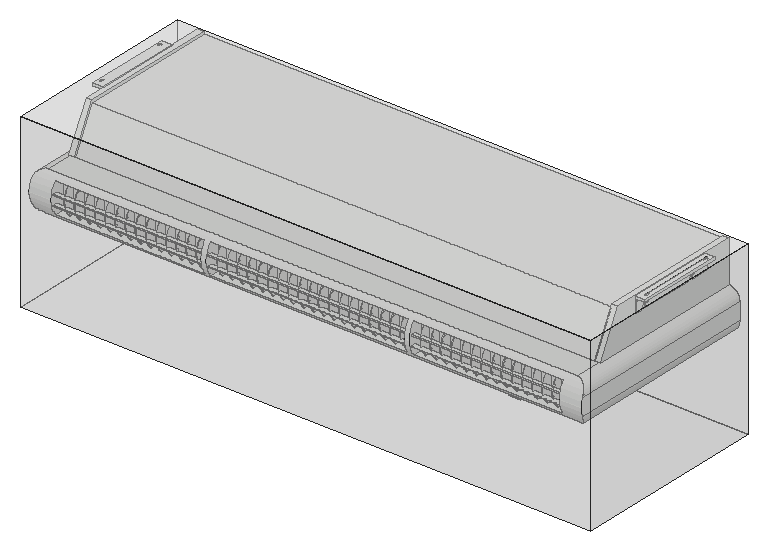
Revit family "outputfile", category 機械設備, Revit 2024 (continued)
Definition of nested family "daikin_connector_rotate3"
  Parameters (values of type "daikin_connector_rotate3")
    angle_horizontal [instance] = 60.00°
    angle_vertical [instance] = 90.00°
    Default Elevation = 1219.2 mm
  Reference planes
    plane 1 "Center (Front/Back)": y = 0
    plane 2: z = 0
    plane 3 "Center (Left/Right)": x = 0
  Dimensions and locks
    "angle_horizontal": angle plane 3 "Center (Left/Right)" to nested 1
    aligned and locked: level to plane 2
    aligned and locked: plane 1 "Center (Front/Back)" to nested 1  (x2)
    aligned and locked: plane 3 "Center (Left/Right)" to nested 1
  Nested families
    nested 1: "daikin_connector_rotate2" at (0, 0, 0) x (0.5, 0.866, 0) z (0, 0, 1), angle_vertical <- "angle_vertical", length <- "length", radius <- "radius", type "daikin_connector_rotate2"
      with radius 10.0 mm, length 600.0 mm, angle_vertical 90.00°
  Definition of nested family "daikin_connector_rotate2"
    Parameters (values of type "daikin_connector_rotate2")
      show_face = yes
      radius [instance] = 10.0 mm
      length [instance] = 600.0 mm
      d_surface = 10.0 mm
      angle_vertical [instance] = 90.00°
      Default Elevation = 0.0 mm
    Reference planes
      plane 1 "Center (Front/Back)": y = 0
      plane 2: z = 0
      plane 3 "Center (Left/Right)": x = 0
    Forms (mm)
      Extrusion 1, solid, visible <- "show_face"
        sketch origin (0, -600, 0) x (1, 0, 0) y (0, 0, 1)
          loop
            circle (0, 0) r 10
        from 0 to -10
    Lines and regions (mm)
      reference lines
        curve 1: line (0, 0, 0) -> (0, -600, 0)
      symbolic lines
        curve 2: circle (0, 0, 0) r 5 normal (0, 0, 1)
      model lines, visible <- "show_face"
        curve 3: line (0, 0, 0) -> (0, -600, 0)
    Dimensions and locks
      "length": curve 1 to curve 1
      "length": curve 3 to curve 3
      "d_surface": Extrusion 1 to Extrusion 1
      "radius": radius of Extrusion 1 sketch curve
      "angle_vertical": angle curve 1 to plane 1 "Center (Front/Back)"
      "angle_vertical": angle curve 3 to plane 1 "Center (Front/Back)"
      aligned and locked: level to plane 2
      aligned and locked: plane 1 "Center (Front/Back)" to curve 1
      aligned and locked: plane 2 to curve 1
      aligned and locked: plane 1 "Center (Front/Back)" to curve 2
      aligned and locked: plane 3 "Center (Left/Right)" to curve 2
      aligned and locked: plane 1 "Center (Front/Back)" to curve 3
      aligned and locked: plane 2 to curve 3
      aligned and locked: Extrusion 1 to Extrusion 1
    Automatic sketch dimensions
      Extrusion 1 sketch curve to level = 0.0 mm
      Extrusion 1 sketch curve to plane 3 "Center (Left/Right)" = 0.0 mm
      radius of curve 2 = 5.0 mm
Definition of nested family "daikin_mountinghole"
  Parameters (values of type "daikin_mountinghole")
    Default Elevation = 1219.2 mm
    Type Comments = "mountinghole"
    show [instance] = yes
    material = none
    l_centerline = 100.0 mm
    l_antenna [instance] = 100.0 mm
    h_mountinghole [instance] = 0.0 mm
    d_circle = 30.0 mm
    Link_Nested Family [instance] = ""
  Reference planes
    plane 1 "Center (Front/Back)": y = 0
    plane 2: z = 0
    plane 3 "Center (Left/Right)": x = 0
    plane 4: y = 50
    plane 5: x = -50
    plane 6: x = 50
    plane 7: y = -50
    plane 8 "h_mountinghole": z = 0
    plane 9: z = 100
  Lines and regions (mm)
    model lines, detail levels fine
      curve 1: circle (0, 0, 0) r 15 normal (0, 0, 1)
      curve 2: line (-50, 0, 0) -> (50, 0, 0)
      curve 3: line (0, 50, 0) -> (0, -50, 0)
    symbolic lines, detail levels fine
      curve 4: circle (0, 0, 0) r 15 normal (0, 0, 1)
      curve 5: line (-50, 0, 0) -> (50, 0, 0)
      curve 6: line (0, 50, 0) -> (0, -50, 0)
    model lines
      curve 7: line (0, 0, 100) -> (0, 0, 0)
  Dimensions and locks
    equal spacing: plane 4, plane 1 "Center (Front/Back)", plane 7
    "l_centerline": plane 4 to plane 7
    equal spacing: plane 5, plane 3 "Center (Left/Right)", plane 6
    "l_centerline": plane 5 to plane 6
    "l_antenna": plane 9 to plane 8 "h_mountinghole"
    "h_mountinghole": plane 8 "h_mountinghole" to plane 2
    "d_circle": diameter of curve 1
    "d_circle": diameter of curve 4
    aligned and locked: level to plane 2
    aligned and locked: plane 1 "Center (Front/Back)" to curve 1
    aligned and locked: plane 3 "Center (Left/Right)" to curve 1
    aligned and locked: plane 1 "Center (Front/Back)" to curve 2
    aligned and locked: curve 3 to plane 3 "Center (Left/Right)"
    aligned and locked: plane 6 to curve 2
    aligned and locked: plane 5 to curve 2
    aligned and locked: plane 4 to curve 3
    aligned and locked: plane 7 to curve 3
    aligned and locked: plane 1 "Center (Front/Back)" to curve 4
    aligned and locked: plane 3 "Center (Left/Right)" to curve 4
    aligned and locked: plane 6 to curve 5
    aligned and locked: plane 5 to curve 5
    aligned and locked: plane 1 "Center (Front/Back)" to curve 5
    aligned and locked: plane 4 to curve 6
    aligned and locked: plane 7 to curve 6
    aligned and locked: curve 6 to plane 3 "Center (Left/Right)"
    aligned and locked: curve 7 to plane 3 "Center (Left/Right)"
    aligned and locked: plane 9 to curve 7
    aligned and locked: plane 8 "h_mountinghole" to curve 7
